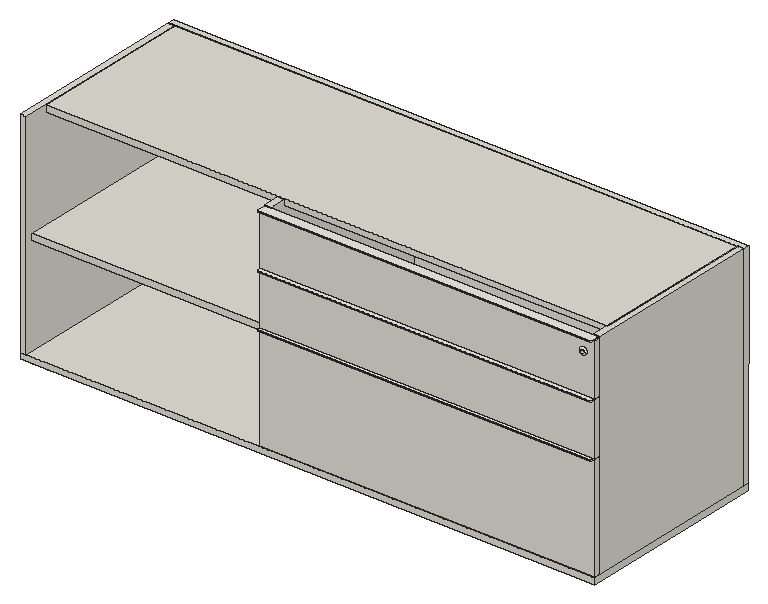
Revit family "Haworth_BeHold_Modular_AttachedCredenza_StorageEnd", category Furniture Systems, Revit 2018
Family settings
  Round Connector Dimension = Use Diameter
  Part Type = Normal
  OmniClass Number = 23.40.70.14.64.21
  OmniClass Title = Systems Furniture
  Work Plane-Based = No
  Always vertical = Yes
  Cut with Voids When Loaded = No
  Shared = No
  Room Calculation Point = No
Parameters (values of type "2H - 72w - 42w Drawer - Proud Back")
  With Lock = yes
  With Leg = no
  Wing Pull Length = if(Actual Width < 36", 13 1/8", 16 3/4")  # 16 3/4"
  Wing Pull = no
  Width = 72"
  Warranty = "http://www.haworth.com/resources/product-info/warranties"
  URL - Product = "http://www.haworth.com/na/en/products/active-storage/be-hold.html"
  URL = "www.haworth.com"
  Two High = yes
  Triple Unit Leg = no
  Trim Finish [instance] = Haworth _ Paint _ Smooth Plaster
  Total Drawer Height = Actual Height - Bottom Case Offset - Case Thickness - 1/4"  # 26 1/2"
  Top Thickness = 3/4"  # constant formula
  Top Drawer Height = if(or(Box File, Box Box File), Middle Drawer Height, Bottom Drawer Height)  # 6 9/16"
  Top Drawer Control = and(Drawers, not(Three High))  # yes
  Top Case Front Offset = if(or(Sliding Door, Three High), 2 1/8", 3")  # 3"
  Top Case Back Control = if(Proud Style, 0", 3/16")  # 0"
  Three High = not(or(One and One Half High, Two High))  # no
  Sustainability Info = "https://www.haworth.com/company-info/sustainability"
  Storage Width = 42"
  Standard Storage Height = if(One and One Half High, 22", if(Two High, 28", 42"))  # 28"
  Standard Height = if(Sliding Door, "1.5, 2, 3 High", "1.5, 2 High")  # "1.5, 2 High"
  Standard Depths = "16, 24 in."  # constant formula
  Sliding Door Control = or(Sliding Door, Three High)  # no
  Sliding Door = no
  Size = "Verify Final Dim. w/ Haworth"  # constant formula
  Single Unit Leg = not(or(Double Unit Leg, Triple Unit Leg))  # yes
  Side Case Front Control = if(or(Sliding Door, Open, Three High), 0", Case Thickness)  # 3/4"
  Side Case Back Control = if(Proud Style, Case Thickness, 0")  # 3/4"
  Shelf Top Control = Three High  # no
  Shelf 2 Offset = if(Shelf Top Control, 26 5/8", Shelf 1 Offset)  # 13 5/16"
  Shelf 1 Offset = 13 5/16"  # constant formula
  Shelf Front Offset = if(or(Sliding Door, Three High), 2 1/8", Case Thickness)  # 3/4"
  Shelf Bottom Control = or(not(Drawers), Three High)  # no
  Separator Case Front Offset = if(Open, 0", Case Thickness)  # 3/4"
  Revision Number = "1"  # constant formula
  Pull Finish [instance] = Haworth _ Paint _ Smooth Plaster
  Proud Style = not(Inset Style)  # yes
  Open = no
  One and One Half High = no
  Model = "Haworth Be_Hold"  # constant formula
  Min. Width = if(Sliding Door, 36", 42")  # 42"
  Min. Storage Width = if(Sliding Door, 18", 24")  # 24"
  Min. Height = 22"  # constant formula
  Min. Depth = 16"  # constant formula
  Middle Drawer Height = if(File File, (Total Drawer Height - Distance Between Drawer) / 2, if(Box Box File, (Total Drawer Height - Distance Between Drawer) / 4, (Total Drawer Height - Distance Between Drawer) / 3))  # 6 9/16"
  Mid Separator S/D Control = or(Sliding Door, Three High)  # no
  Mid Separator O/D Control = and(or(Open, Drawers), not(Three High))  # yes
  Max. Storage Width = 42"  # constant formula
  Leg Height = 6"  # constant formula
  Leg Finish [instance] = Haworth _ Paint _ Sky Blue
  Glide Control = not(or(Actual Single Leg Control, [Actual D/T Leg Control]))  # yes
  Front Door Height = Actual Height - Bottom Drawer Offset - 1/4"  # 26 3/8"
  Drawers = not(or(Open, Sliding Door))  # yes
  Double Unit Leg = no
  Door Width = ((Actual Width - (Case Thickness * 2)) / 2) - 3/4"  # 34 1/2"
  Depth = 24"
  Bottom Drawer Control = and(Drawers, not(Three High))  # yes
  Bottom Drawer Offset = Bottom Case Offset + Case Thickness + 1/8"  # 1 3/8"
  Bottom Drawer Height = if(One and One Half High, ((Total Drawer Height - Distance Between Drawer) * 2 / 3), if(Two High, (Total Drawer Height - Distance Between Drawer) / 2, (Total Drawer Height - Distance Between Drawer) / 3))  # 13 1/8"
  Middle Drawer Control = and(Drawers, Box Box File, not(Three High), not(or(Box File, File File)))  # yes
  Max. Width = 72"  # constant formula
  Max. Depth = 24"  # constant formula
  Max. Height = 42"  # constant formula
  Manufacturer = "Haworth"  # constant formula
  Linear Pull Length = 8"  # constant formula
  Linear Pull = no
  Inset Style = no
  Glide Finish = Haworth _ Polymer _ Slate
  Front Finish [instance] = Haworth _ Laminate _ Beige H-34
  Front Edge Finish [instance] = Haworth _ Laminate _ Beige H-34
  File File = not(or(Box File, Box Box File))  # no
  Drawer Width = Actual Storage Width - 1/8"  # 41 7/8"
  Distance Between Drawer = if(or(Box File, File File), 1/8", 1/4")  # 1/4"
  Description = "Haworth - Be_Hold - Credenza"  # constant formula
  Custom Size = not(or(and(or(Open, Drawers), not(Three High), or(Depth = 16", Depth = 24"), or(Width = 42", Width = 48", Width = 54", Width = 60", Width = 66", Width = 72"), or(Storage Width = 24", Storage Width = 30", Storage Width = 36", Storage Width = 42")), and(Sliding Door, or(Depth = 16", Depth = 24"), or(Width = 36", Width = 42", Width = 48", Width = 54", Width = 60", Width = 66", Width = 72"), Storage Width = Width / 2)))  # no
  Cresent Pull = no
  Classic Pull Length = 6 3/4"  # constant formula
  Classic Pull = no
  Case Thickness = 3/4"  # constant formula
  Case Finish [instance] = Haworth _ Laminate _ Beige H-34
  Case Edge Finish [instance] = Haworth _ Laminate _ Beige H-34
  Box File = and(Drawers, One and One Half High)  # no
  Box Box File = yes
  Bottom Case Offset = if(or(Actual Single Leg Control, [Actual D/T Leg Control]), Leg Height, 1/2")  # 1/2"
  Blade Pull Length = Drawer Width - 1/16"  # 41 13/16"
  Blade Pull = not(or(Cresent Pull, Linear Pull, Classic Pull, Wing Pull))  # yes
  Back Door Height = Actual Height - Bottom Drawer Offset - 7/16"  # 26 3/16"
  Back Case Side Control = if(Proud Style, 0", Case Thickness)  # 0"
  Back Case Back Control = if(Proud Style, 0", 3/16")  # 0"
  Author = "Haworth (Alias)"  # constant formula
  Assembly Code = "E2020200"
  Actual Width = if(Width > Max. Width, Max. Width, if(Width < Min. Width, Min. Width, Width))  # 72"
  Actual Storage Width = if(Storage Width > Max. Storage Width, Max. Storage Width, if(Storage Width < Min. Storage Width, Min. Storage Width, Storage Width))  # 42"
  Actual Single Leg Control = and(With Leg, Single Unit Leg, not(Three High), not(Actual Storage Width = 42"))  # no
  Actual Height = if(or(Actual Single Leg Control, [Actual D/T Leg Control]), Standard Storage Height + Leg Height, Standard Storage Height)  # 28"
  Actual Depth = if(Depth > Max. Depth, Max. Depth, if(Depth < Min. Depth, Min. Depth, Depth))  # 24"
  Standard Widths = if(Sliding Door, "36-72 in. @ 6 in. increments", "42-72 in. @ 6 in. increments")  # "42-72 in. @ 6 in. increments"
  Actual D/T Leg Control = and(With Leg, or(Double Unit Leg, Triple Unit Leg), not(Three High), not(Actual Storage Width = 42"))  # no
  16 Deep Leg = Actual Depth = 16"  # no
Reference planes (in)
  plane 1: z = 0
  plane 2 "Center L/R": x = -6.17556
  plane 3 "Center F/B": y = -11.5
  plane 4 "Top": z = 28
  plane 5 "Back": y = 0.5
  plane 6 "Front": y = -23.5
  plane 7 "Right": x = 29.82444
  plane 8 "Left": x = -42.17556
  plane 9 "Case Inside Left": x = -41.42556
  plane 10 "Case Inside Right": x = 29.07444
  plane 11 "Case Inside Back": y = -0.25
  plane 12 "Case Bottom": z = 0.5
  plane 13 "Case Inside Front": y = -22.75
  plane 14 "Inside Case Bottom": z = 1.25
  plane 15 "Inside Case Top": z = 27.25
  plane 16 "Top of Top Drawer": z = 27.875
  plane 17 "Bottom of Bottom Drawer": z = 1.375
  plane 18 "Top of Shelf 1": z = 14.5625
  plane 19 "Bottom of Shelf 1": z = 13.8125
  plane 20 "Drawer End": x = -12.17556
  plane 21 "Drawer Inside": x = -11.42556
  plane 22 "Drawer Center": x = 8.82444
  plane 23 "Inside Back Door": y = -21.8125
  plane 24 "Bottom of Shelf 2": z = 13.8125
  plane 25 "Top of Shelf 2": z = 14.5625
  plane 26 "Left Sliding Door": x = 28.32444
Forms (in)
  Sweep 1, solid, material "Haworth _ Polymer _ Slate" <- "Glide Finish", visible <- "Glide Control"
    path origin (-41.42556, 0, 0) x (0, 1, 0) y (0, 0, 1)
      loop
        line (-22.75, 0.5) -> (-22.75, 0)
    profile origin (-41.42556, -22.75, 0.25) x (1, 0, 0) y (0, 1, 0)
      loop
        line (0, 2.00197) -> (0, 0.25)
        arc (0, 0.25) -> (0.07322, 0.07322) -> (0.25, 0) r 0.25
        line (0.25, 0) -> (2.00197, 0)
        arc (2.00197, 0) -> (2.17875, 0.07322) -> (2.25197, 0.25) r 0.25
        line (2.25197, 0.25) -> (2.25197, 0.70079) -> (0.70079, 2.25197) -> (0.25, 2.25197)
        arc (0.25, 2.25197) -> (0.07322, 2.17875) -> (0, 2.00197) r 0.25
  Sweep 2, solid, material "Haworth _ Polymer _ Slate" <- "Glide Finish", visible <- "Glide Control"
    path origin (-41.42556, -23, 0) x (0, -1, 0) y (0, 0, 1)
      loop
        line (-22.75, 0.5) -> (-22.75, 0)
    profile origin (-41.42556, -0.25, 0.25) x (1, 0, 0) y (0, 1, 0)
      loop
        arc (0, -2.00197) -> (0.07322, -2.17875) -> (0.25, -2.25197) r 0.25
        line (0.25, -2.25197) -> (0.70079, -2.25197) -> (2.25197, -0.70079) -> (2.25197, -0.25)
        arc (2.25197, -0.25) -> (2.17875, -0.07322) -> (2.00197, 0) r 0.25
        line (2.00197, 0) -> (0.25, 0)
        arc (0.25, 0) -> (0.07322, -0.07322) -> (0, -0.25) r 0.25
        line (0, -0.25) -> (0, -2.00197)
  Sweep 3, solid, material "Haworth _ Polymer _ Slate" <- "Glide Finish", visible <- "Glide Control"
    path origin (29.07444, 0, 0) x (0, -1, 0) y (0, 0, 1)
      loop
        line (22.75, 0.5) -> (22.75, 0)
    profile origin (29.07444, -22.75, 0.25) x (-1, 0, 0) y (0, -1, 0)
      loop
        arc (0, -2.00197) -> (0.07322, -2.17875) -> (0.25, -2.25197) r 0.25
        line (0.25, -2.25197) -> (0.70079, -2.25197) -> (2.25197, -0.70079) -> (2.25197, -0.25)
        arc (2.25197, -0.25) -> (2.17875, -0.07322) -> (2.00197, 0) r 0.25
        line (2.00197, 0) -> (0.25, 0)
        arc (0.25, 0) -> (0.07322, -0.07322) -> (0, -0.25) r 0.25
        line (0, -0.25) -> (0, -2.00197)
  Sweep 4, solid, material "Haworth _ Polymer _ Slate" <- "Glide Finish", visible <- "Glide Control"
    path origin (29.07444, 0, 0) x (0, -1, 0) y (0, 0, 1)
      loop
        line (0.25, 0.5) -> (0.25, 0)
    profile origin (29.07444, -0.25, 0.25) x (-1, 0, 0) y (0, -1, 0)
      loop
        line (0, 2.00197) -> (0, 0.25)
        arc (0, 0.25) -> (0.07322, 0.07322) -> (0.25, 0) r 0.25
        line (0.25, 0) -> (2.00197, 0)
        arc (2.00197, 0) -> (2.17875, 0.07322) -> (2.25197, 0.25) r 0.25
        line (2.25197, 0.25) -> (2.25197, 0.70079) -> (0.70079, 2.25197) -> (0.25, 2.25197)
        arc (0.25, 2.25197) -> (0.07322, 2.17875) -> (0, 2.00197) r 0.25
  Extrusion 5, solid, material "Haworth _ Laminate _ Beige H-34" <- "Case Finish"
    sketch origin (0, 0, 0) x (1, 0, 0) y (0, 1, 0)
      loop
        line (-42.17556, 0.5) -> (-42.17556, -23.5) -> (29.82444, -23.5) -> (29.82444, 0.5) -> (-42.17556, 0.5)
    from 0.5 to 1.25
  Sweep 6, solid, material "Haworth _ Laminate _ Beige H-34" <- "Case Finish"
    path origin (0, 0, 0.5) x (0, -1, 0) y (1, 0, 0)
      loop
        line (23.5, -42.17556) -> (23.5, -41.42556)
    profile origin (-41.80056, -23.5, 0.5) x (0, 1, 0) y (0, 0, 1)
      loop
        line (0, 27.5) -> (0, 0.75) -> (23.25, 0.75) -> (23.25, 27.5) -> (0, 27.5)
  Sweep 7, solid, material "Haworth _ Laminate _ Beige H-34" <- "Case Finish"
    path origin (-12.35111, 0, 0.5) x (0, -1, 0) y (-1, 0, 0)
      loop
        line (23.5, -42.17556) -> (23.5, -41.42556)
    profile origin (29.44944, -23.5, 0.5) x (0, -1, 0) y (0, 0, 1)
      loop
        line (-0.75, 27.5) -> (-23.25, 27.5) -> (-23.25, 0.75) -> (-0.75, 0.75) -> (-0.75, 27.5)
  Sweep 8, solid, material "Haworth _ Laminate _ Beige H-34" <- "Case Finish"
    path origin (0, 0, 0.5) x (0, -1, 0) y (1, 0, 0)
      loop
        line (0.25, -6.17556) -> (-0.5, -6.17556)
    profile origin (-6.17556, 0.125, 0.5) x (-1, 0, 0) y (0, 0, 1)
      loop
        line (-36, 0.75) -> (36, 0.75) -> (36, 27.5) -> (-36, 27.5) -> (-36, 0.75)
  Extrusion 9, solid, material "Haworth _ Laminate _ Beige H-34" <- "Case Finish"
    sketch origin (0, 0, 0.5) x (0, -1, 0) y (1, 0, 0)
      loop
        line (0.25, -41.42556) -> (20.5, -41.42556) -> (20.5, 29.07444) -> (0.25, 29.07444) -> (0.25, -41.42556)
    from 26.75 to 27.5
  Extrusion 10, solid, material "Haworth _ Laminate _ Beige H-34" <- "Case Finish"
    sketch origin (0, 0, 0) x (1, 0, 0) y (0, 1, 0)
      loop
        line (-41.42556, -0.25) -> (-41.42556, -22.75) -> (-12.17556, -22.75) -> (-12.17556, -0.25) -> (-41.42556, -0.25)
    from 13.8125 to 14.5625
  Extrusion 11, solid, material "Haworth _ Laminate _ Beige H-34" <- "Case Finish", visible <- "Shelf Bottom Control"
    sketch origin (0, 0, 0) x (1, 0, 0) y (0, 1, 0)
      loop
        line (-11.42556, -0.25) -> (-11.42556, -22.75) -> (29.07444, -22.75) -> (29.07444, -0.25) -> (-11.42556, -0.25)
    from 13.8125 to 14.5625
  Sweep 12, solid, material "Haworth _ Laminate _ Beige H-34" <- "Case Finish", visible <- "Mid Separator O/D Control"
    path origin (0, 0, 1.25) x (-1, 0, 0) y (0, -1, 0)
      loop
        line (11.42556, 0.25) -> (12.17556, 0.25)
    profile origin (-11.80056, -0.25, 1.25) x (0, -1, 0) y (0, 0, 1)
      loop
        line (0, 26) -> (0, 0) -> (22.5, 0) -> (22.5, 26.75) -> (20.5, 26.75) -> (20.5, 26) -> (0, 26)
  Sweep 13, solid, material "Haworth _ Laminate _ Beige H-34" <- "Case Finish", visible <- "Mid Separator S/D Control"
    path origin (0, 0, 1.25) x (-1, 0, 0) y (0, -1, 0)
      loop
        line (11.80056, 0.25) -> (12.55056, 0.25)
    profile origin (-12.17556, -0.25, 1.25) x (0, -1, 0) y (0, 0, 1)
      loop
        line (0, 26) -> (0, 0) -> (21.125, 0) -> (21.125, 26) -> (0, 26)
  Extrusion 14, solid, material "Haworth _ Laminate _ Beige H-34" <- "Case Finish", visible <- "Shelf Top Control"
    sketch origin (0, 0, 0) x (1, 0, 0) y (0, 1, 0)
      loop
        line (-11.42556, -0.25) -> (-11.42556, -22.75) -> (29.07444, -22.75) -> (29.07444, -0.25) -> (-11.42556, -0.25)
    from 13.8125 to 14.5625
  Extrusion 15, solid, material "Haworth _ Laminate _ Beige H-34" <- "Case Finish", visible <- "Shelf Top Control"
    sketch origin (0, 0, 0) x (1, 0, 0) y (0, 1, 0)
      loop
        line (-41.42556, -0.25) -> (-41.42556, -22.75) -> (-12.17556, -22.75) -> (-12.17556, -0.25) -> (-41.42556, -0.25)
    from 13.8125 to 14.5625
Lines and regions (in)
  Masking region 1
    outline origin (0, 0, 27.25) x (0, -1, 0) y (1, 0, 0)
      loop
        line (-0.5, -42.17556) -> (23.5, -42.17556) -> (23.5, 29.82444) -> (-0.5, 29.82444) -> (-0.5, -42.17556)
  symbolic lines, style "Haworth", detail levels medium+fine
    curve 1: line (-42.17556, -20.5, 27.25) -> (29.82444, -20.5, 27.25)
Dimensions and locks (in)
  "Actual Width": plane 8 "Left" to plane 7 "Right"
  equal spacing: plane 5 "Back", plane 3 "Center F/B", plane 6 "Front"
  "Actual Depth": plane 5 "Back" to plane 6 "Front"
  "Case Thickness": plane 9 "Case Inside Left" to plane 8 "Left"
  "Case Thickness": plane 10 "Case Inside Right" to plane 7 "Right"
  "Bottom Case Offset": plane 12 "Case Bottom" to plane 1
  "Case Thickness": plane 11 "Case Inside Back" to plane 5 "Back"
  "Case Thickness": plane 6 "Front" to plane 13 "Case Inside Front"
  locked: Sweep 1 sketch curve to plane 12 "Case Bottom" at 0.5
  locked: Sweep 2 sketch curve to plane 12 "Case Bottom" at 0.5
  locked: Sweep 4 sketch curve to plane 12 "Case Bottom" at 0.5
  locked: Sweep 3 sketch curve to plane 12 "Case Bottom" at 0.5
  "Case Thickness": plane 14 "Inside Case Bottom" to plane 12 "Case Bottom"
  "Top Thickness": plane 4 "Top" to plane 15 "Inside Case Top"
  "Side Case Back Control": Sweep 6 sketch curve to plane 5 "Back"
  "Side Case Back Control": Sweep 7 sketch curve to plane 5 "Back"
  "Back Case Side Control": Sweep 8 sketch curve to plane 7 "Right"
  "Back Case Side Control": Sweep 8 sketch curve to plane 8 "Left"
  "Actual Height": plane 4 "Top" to plane 1
  locked: plane 4 "Top" to plane 16 "Top of Top Drawer" at 0.125
  locked: plane 17 "Bottom of Bottom Drawer" to plane 14 "Inside Case Bottom" at 0.125
  locked: nested 2 to nested 1 at 0.125
  "Top Case Front Offset": Extrusion 9 sketch curve to plane 6 "Front"
  "Case Thickness": plane 18 "Top of Shelf 1" to plane 19 "Bottom of Shelf 1"
  "Shelf 1 Offset": plane 18 "Top of Shelf 1" to plane 14 "Inside Case Bottom"
  equal spacing: plane 8 "Left", plane 2 "Center L/R", plane 7 "Right"
  "Case Thickness": plane 21 "Drawer Inside" to plane 20 "Drawer End"
  "Actual Storage Width": plane 20 "Drawer End" to plane 7 "Right"
  equal spacing: plane 20 "Drawer End", plane 22 "Drawer Center", plane 7 "Right"
  "Shelf Front Offset": Extrusion 10 sketch curve to plane 6 "Front"
  "Shelf Front Offset": Extrusion 11 sketch curve to plane 6 "Front"
  locked: plane 6 "Front" to Sweep 13 sketch curve at 2.125
  "Side Case Front Control": plane 6 "Front" to Sweep 7 sketch curve
  locked: plane 6 "Front" to plane 23 "Inside Back Door" at 1.6875
  "Case Thickness": plane 25 "Top of Shelf 2" to plane 24 "Bottom of Shelf 2"
  "Shelf 2 Offset": plane 25 "Top of Shelf 2" to plane 14 "Inside Case Bottom"
  "Shelf Front Offset": Extrusion 14 sketch curve to plane 6 "Front"
  "Shelf Front Offset": Extrusion 15 sketch curve to plane 6 "Front"
  "Top Case Front Offset": plane 6 "Front" to curve 1
  "Case Thickness": Sweep 8 sketch curve to Sweep 8 sketch curve
  "Back Case Back Control": plane 5 "Back" to Sweep 8 sketch curve
  "Top Case Back Control": Extrusion 9 sketch curve to plane 11 "Case Inside Back"
  locked: plane 26 "Left Sliding Door" to plane 10 "Case Inside Right" at 0.75
  equal spacing: Sweep 13 sketch curve, plane 20 "Drawer End", Sweep 13 sketch curve
  "Case Thickness": Sweep 13 sketch curve to Sweep 13 sketch curve
  locked: plane 13 "Case Inside Front" to Sweep 12 sketch curve at 2
  "Separator Case Front Offset": plane 6 "Front" to Sweep 12 sketch curve
  aligned and locked: Sweep 1 sketch curve to plane 13 "Case Inside Front"
  aligned and locked: plane 12 "Case Bottom" to Sweep 1 sketch curve
  aligned and locked: plane 11 "Case Inside Back" to Sweep 2 sketch curve
  aligned and locked: plane 12 "Case Bottom" to Sweep 2 sketch curve
  aligned and locked: plane 11 "Case Inside Back" to Sweep 4 sketch curve
  aligned and locked: plane 12 "Case Bottom" to Sweep 4 sketch curve
  aligned and locked: Sweep 3 sketch curve to plane 13 "Case Inside Front"
  aligned and locked: plane 12 "Case Bottom" to Sweep 3 sketch curve
  aligned and locked: Extrusion 5 sketch curve to plane 7 "Right"
  aligned and locked: Extrusion 5 sketch curve to plane 5 "Back"
  aligned and locked: plane 8 "Left" to Extrusion 5 sketch curve
  aligned and locked: plane 6 "Front" to Extrusion 5 sketch curve
  aligned and locked: plane 12 "Case Bottom" to Extrusion 5
  aligned and locked: plane 14 "Inside Case Bottom" to Extrusion 5
  aligned and locked: plane 8 "Left" to Sweep 6 sketch curve
  aligned and locked: plane 9 "Case Inside Left" to Sweep 6 sketch curve
  aligned and locked: Sweep 6 sketch curve to plane 6 "Front"  (x2)
  aligned and locked: Sweep 6 sketch curve to plane 4 "Top"
  aligned and locked: plane 14 "Inside Case Bottom" to Sweep 6 sketch curve
  aligned and locked: plane 6 "Front" to Sweep 7 sketch curve
  aligned and locked: plane 7 "Right" to Sweep 7 sketch curve
  aligned and locked: plane 10 "Case Inside Right" to Sweep 7 sketch curve
  aligned and locked: plane 14 "Inside Case Bottom" to Sweep 7 sketch curve
  aligned and locked: Sweep 7 sketch curve to plane 4 "Top"
  aligned and locked: plane 2 "Center L/R" to Sweep 8 sketch curve
  aligned and locked: plane 4 "Top" to Sweep 8 sketch curve
  aligned and locked: Sweep 8 sketch curve to plane 14 "Inside Case Bottom"
  aligned and locked: plane 10 "Case Inside Right" to Extrusion 9 sketch curve
  aligned and locked: plane 9 "Case Inside Left" to Extrusion 9 sketch curve
  aligned and locked: plane 4 "Top" to Extrusion 9
  aligned and locked: plane 15 "Inside Case Top" to Extrusion 9
  aligned and locked: Masking region 1 sketch curve to plane 7 "Right"
  aligned and locked: Masking region 1 sketch curve to plane 5 "Back"
  aligned and locked: plane 8 "Left" to Masking region 1 sketch curve
  aligned and locked: plane 6 "Front" to Masking region 1 sketch curve
  aligned and locked: nested 3 to plane 16 "Top of Top Drawer"
  aligned and locked: plane 6 "Front" to nested 1
  aligned and locked: plane 6 "Front" to nested 2
  aligned and locked: plane 6 "Front" to nested 3
  aligned and locked: plane 11 "Case Inside Back" to Extrusion 10 sketch curve
  aligned and locked: plane 9 "Case Inside Left" to Extrusion 10 sketch curve
  aligned and locked: plane 18 "Top of Shelf 1" to Extrusion 10
  aligned and locked: Extrusion 10 to plane 19 "Bottom of Shelf 1"
  aligned and locked: Extrusion 10 sketch curve to plane 20 "Drawer End"
  aligned and locked: plane 11 "Case Inside Back" to Extrusion 11 sketch curve
  aligned and locked: plane 10 "Case Inside Right" to Extrusion 11 sketch curve
  aligned and locked: plane 21 "Drawer Inside" to Extrusion 11 sketch curve
  aligned and locked: Sweep 12 sketch curve to plane 11 "Case Inside Back"
  aligned and locked: plane 21 "Drawer Inside" to Sweep 12 sketch curve
  aligned and locked: plane 20 "Drawer End" to Sweep 12 sketch curve
  aligned and locked: Sweep 12 sketch curve to plane 15 "Inside Case Top"
  aligned and locked: Sweep 12 sketch curve to plane 4 "Top"
  aligned and locked: plane 11 "Case Inside Back" to Sweep 12 sketch curve
  aligned and locked: plane 14 "Inside Case Bottom" to Sweep 12 sketch curve
  aligned and locked: Sweep 13 sketch curve to plane 11 "Case Inside Back"
  aligned and locked: plane 11 "Case Inside Back" to Sweep 13 sketch curve
  aligned and locked: Sweep 13 sketch curve to plane 15 "Inside Case Top"
  aligned and locked: plane 14 "Inside Case Bottom" to Sweep 13 sketch curve
  aligned and locked: Extrusion 11 to plane 19 "Bottom of Shelf 1"
  aligned and locked: plane 18 "Top of Shelf 1" to Extrusion 11
  aligned and locked: plane 11 "Case Inside Back" to Extrusion 14 sketch curve
  aligned and locked: plane 21 "Drawer Inside" to Extrusion 14 sketch curve
  aligned and locked: plane 10 "Case Inside Right" to Extrusion 14 sketch curve
  aligned and locked: plane 25 "Top of Shelf 2" to Extrusion 14
  aligned and locked: Extrusion 14 to plane 24 "Bottom of Shelf 2"
  aligned and locked: plane 25 "Top of Shelf 2" to Extrusion 15
  aligned and locked: plane 9 "Case Inside Left" to Extrusion 15 sketch curve
  aligned and locked: Extrusion 15 sketch curve to plane 20 "Drawer End"
  aligned and locked: plane 11 "Case Inside Back" to Extrusion 15 sketch curve
  aligned and locked: Extrusion 15 to plane 24 "Bottom of Shelf 2"
  aligned and locked: plane 22 "Drawer Center" to nested 3
  aligned and locked: plane 22 "Drawer Center" to nested 2
  aligned and locked: plane 22 "Drawer Center" to nested 1
  aligned and locked: plane 9 "Case Inside Left" to nested 5
  aligned and locked: plane 6 "Front" to nested 5
  aligned and locked: plane 23 "Inside Back Door" to nested 4
  aligned and locked: nested 4 to plane 26 "Left Sliding Door"
  aligned and locked: plane 3 "Center F/B" to nested 6
  aligned and locked: plane 2 "Center L/R" to nested 6
  aligned and locked: nested 6 to plane 12 "Case Bottom"
Automatic sketch dimensions
  Sweep 1 sketch curve to plane 9 "Case Inside Left" = 0"
  profile plane to Sweep 1 sketch curve = 0"
  plane 9 "Case Inside Left" to Sweep 1 sketch curve = 1/4"
  Sweep 1 sketch curve to Sweep 1 sketch curve = 1/4"
  Sweep 1 sketch curve to Sweep 1 sketch curve = 0.45079"  (x2)
  Sweep 1 sketch curve to profile plane = 1/4"
  Sweep 1 sketch curve to Sweep 1 sketch curve = 1.75197"  (x2)
  Sweep 2 sketch curve to plane 9 "Case Inside Left" = 0"
  profile plane to Sweep 2 sketch curve = 0"
  Sweep 2 sketch curve to Sweep 2 sketch curve = 1/4"  (x2)
  Sweep 2 sketch curve to Sweep 2 sketch curve = 0.45079"  (x2)
  profile plane to Sweep 2 sketch curve = 1/4"
  Sweep 2 sketch curve to Sweep 2 sketch curve = 1.75197"  (x2)
  Sweep 3 sketch curve to plane 10 "Case Inside Right" = 0"
  Sweep 3 sketch curve to profile plane = 0"
  Sweep 3 sketch curve to Sweep 3 sketch curve = 1/4"  (x2)
  Sweep 3 sketch curve to Sweep 3 sketch curve = 0.45079"  (x2)
  profile plane to Sweep 3 sketch curve = 1/4"
  Sweep 3 sketch curve to Sweep 3 sketch curve = 1.75197"  (x2)
  Sweep 4 sketch curve to plane 10 "Case Inside Right" = 0"
  Sweep 4 sketch curve to profile plane = 0"
  plane 10 "Case Inside Right" to Sweep 4 sketch curve = 1/4"  (x2)
  Sweep 4 sketch curve to Sweep 4 sketch curve = 0.45079"  (x2)
  Sweep 4 sketch curve to profile plane = 1/4"
  Sweep 4 sketch curve to Sweep 4 sketch curve = 1.75197"  (x2)
  curve 1 to plane 8 "Left" = 0"
  curve 1 to plane 7 "Right" = 0"
Nested families (in)
  nested 1: "Haworth_BeHold_Drawer_PART" at (8.82444, -22.36287, 1.375), Drawer Height <- "Bottom Drawer Height", built-in parameter 1001364 <- "Bottom Drawer Offset", visible <- "Bottom Drawer Control", type "Haworth_Drawer"
    with With Lock no, Pull Height 13 1/8", Drawer Height 13 1/8", Wing Pull Length 16 3/4", Wing Pull no, Drawer Width 41 7/8", Blade Pull Length 41 13/16", Blade Pull yes
  nested 2: "Haworth_BeHold_Drawer_PART" at (8.82444, -22.36287, 14.625), Drawer Height <- "Middle Drawer Height", visible <- "Middle Drawer Control", type "Haworth_Drawer"
    with With Lock no, Pull Height 6 9/16", Drawer Height 6 9/16", Wing Pull Length 16 3/4", Wing Pull no, Drawer Width 41 7/8", Blade Pull Length 41 13/16", Blade Pull yes
  nested 3: "Haworth_BeHold_Drawer_PART" at (8.82444, -22.36287, 21.3125), Drawer Height <- "Top Drawer Height", visible <- "Top Drawer Control", With Lock <- "With Lock", type "Haworth_Drawer"
    with With Lock yes, Pull Height 6 9/16", Drawer Height 6 9/16", Wing Pull Length 16 3/4", Wing Pull no, Drawer Width 41 7/8", Blade Pull Length 41 13/16", Blade Pull yes
  nested 4: "Haworth_BeHold_Door_Sliding_PART" at (9.89424, -22.15726, 1.375), visible <- "Sliding Door Control", built-in parameter 1001364 <- "Bottom Drawer Offset", type "Back Door"
    with Hook no, Door Width 34 1/2", Door Height 26 3/16"
  nested 5: "Haworth_BeHold_Door_Sliding_PART" at (-25.35576, -23.09476, 1.375), visible <- "Sliding Door Control", built-in parameter 1001364 <- "Bottom Drawer Offset", type "Front Door"
    with With Lock no, Door Width 34 1/2", Door Height 26 3/8"
  nested 6: "Haworth_BeHold_Leg_Single_PART" at (0, 0, -5.5), Trim Finish <- "Leg Finish", visible <- "Actual Single Leg Control", type "Leg"
    with Trim Finish Haworth _ Paint _ Sky Blue, Width 72", Stretcher Bar yes, Actual Width 66"
Definition of nested family "Haworth_BeHold_Drawer_PART"
  Parameters (values of type "Haworth_Drawer")
    With Lock [instance] = yes
    Wing Pull Length = 6 1/2"
    Wing Pull = yes
    Warranty = "http://www.haworth.com/resources/product-info/warranties"
    URL - Product = ""
    URL = "www.haworth.com"
    Trim Finish = none
    Revision Number = "1"  # constant formula
    Pull Height [instance] = if(or(Wing Pull, Blade Pull), Drawer Height, Drawer Height - 1 21/32")  # 12"
    Pull Finish = none
    Note = "Verify Final Dim. w/ Haworth"  # constant formula
    Model = "Haworth Be_Hold"  # constant formula
    Manufacturer = "Haworth"  # constant formula
    Lock Offset Top = 1 21/32"  # constant formula
    Lock Offset Side = 1 3/8"  # constant formula
    Linear Pull = no
    Front Finish = none
    Front Edge Finish = none
    Drawer Width = 15 1/2"
    Drawer Height [instance] = 12"
    Description = "Haworth - Be_Hold - Drawer"
    Cresent Pull = no
    Classic Pull Length = 6 3/4"
    Classic Pull = no
    Blade Pull Length = 15 7/16"
    Blade Pull = no
    Linear Pull Length = 8"
    Author = "Haworth (Alias)"  # constant formula
    Assembly Code = ""
  Reference planes (in)
    plane 1 "Drawer Back": y = -0.26213
    plane 2: z = 0
    plane 3 "Center L/R": x = 0
    plane 4 "Drawer Front": y = -1.13713
    plane 5 "Left": x = -7.75
    plane 6 "Right": x = 7.75
    plane 7 "Top": z = 12
    plane 8 "Hardware Start": y = -0.38713
    plane 9 "Lock Side": x = 6.375
    plane 10 "Lock Horizontal": z = 10.34375
  Forms (in)
    Extrusion 1, solid, material <- "Front Finish"
      sketch origin (0, -1.13713, 0) x (-1, 0, 0) y (0, 0, 1)
        loop
          line (-7.75, 12) -> (-7.75, 0) -> (7.75, 0) -> (7.75, 12) -> (-7.75, 12)
      from 0 to 0.75
    Revolve 2, solid, material <- "Trim Finish", visible <- "With Lock"
      sketch origin (0, 0, 10.34375) x (-1, 0, 0) y (0, -1, 0)
        loop
          line (-6.375, 1.13713) -> (-6.375, 1.2621) -> (-6.68756, 1.2621)
          arc (-6.68756, 1.2621) -> (-6.77593, 1.2255) -> (-6.81253, 1.13713) r 0.12497
          line (-6.81253, 1.13713) -> (-6.375, 1.13713)
        axis (-6.375, 1.13713) -> (-6.375, 1.2621)
      angle from 0 to 360
  Lines and regions (in)
    Masking region 1
      outline origin (0, 0, 10.34375) x (-1, 0, 0) y (0, -1, 0)
        loop
          line (7.75, 0.38713) -> (7.75, 1.13713) -> (-7.75, 1.13713) -> (-7.75, 0.38713) -> (7.75, 0.38713)
  Dimensions and locks (in)
    equal spacing: plane 5 "Left", plane 3 "Center L/R", plane 6 "Right"
    "Drawer Width": plane 5 "Left" to plane 6 "Right"
    "Drawer Height": plane 7 "Top" to level
    locked: plane 1 "Drawer Back" to plane 8 "Hardware Start" at 0.125
    plane 4 "Drawer Front" to plane 1 "Drawer Back" = 7/8"
    plane 4 "Drawer Front" to plane 8 "Hardware Start" = 3/4"
    "Lock Offset Side": plane 9 "Lock Side" to plane 6 "Right"
    "Lock Offset Top": plane 7 "Top" to plane 10 "Lock Horizontal"
    locked: Revolve 2 sketch curve to plane 4 "Drawer Front" at 0.12497
    locked: plane 9 "Lock Side" to Revolve 2 sketch curve at 0.43753
    aligned and locked: Extrusion 1 sketch curve to plane 6 "Right"
    aligned and locked: plane 7 "Top" to Extrusion 1 sketch curve
    aligned and locked: Extrusion 1 sketch curve to plane 5 "Left"
    aligned and locked: Extrusion 1 sketch curve to plane 2
    aligned and locked: Extrusion 1 to plane 8 "Hardware Start"
    aligned and locked: Extrusion 1 to plane 4 "Drawer Front"
    aligned and locked: plane 9 "Lock Side" to Revolve 2 sketch curve  (x2)
    aligned and locked: Revolve 2 sketch curve to plane 4 "Drawer Front"
    aligned and locked: plane 3 "Center L/R" to nested 1
    aligned and locked: nested 1 to plane 4 "Drawer Front"
    aligned and locked: plane 6 "Right" to Masking region 1 sketch curve
    aligned and locked: plane 8 "Hardware Start" to Masking region 1 sketch curve
    aligned and locked: plane 4 "Drawer Front" to Masking region 1 sketch curve
    aligned and locked: plane 5 "Left" to Masking region 1 sketch curve
  Automatic sketch dimensions
    plane 8 "Hardware Start" to Revolve 2 sketch curve = 0.19925"
    Revolve 2 sketch curve to Revolve 2 sketch curve = 0.41501"
  Nested families (in)
    nested 1: "Haworth_Drawer-Pulls_PART" at (0, -1.13713, 12), built-in parameter 1001364 <- "Pull Height", type "Pull"
      with Wing yes, Linear no
  Definition of nested family "Haworth_Drawer-Pulls_PART"
    Parameters (values of type "Pull")
      Wing Pull Length = 6 1/2"
      Wing = no
      Warranty = "https://www.haworth.com/resources/product-info/warranties"
      URL = "https://www.haworth.com"
      Trim Finish = none
      Revision Number = "1"  # constant formula
      Model = "Haworth Be_Hold"  # constant formula
      Manufacturer = "Haworth"  # constant formula
      Linear Pull Length = 8"
      Linear = yes
      Description = "Haworth - Be_Hold - Pull Part"
      Cresent = no
      Classic Pull Length = 6 3/4"
      Classic = no
      Blade Pull Length = 15 7/16"
      Blade = no
      Author = "Haworth (Alias)"  # constant formula
      Assembly Code = ""
    Reference planes (in)
      plane 1 "Center Front/Back": y = 0
      plane 2: z = 0
      plane 3 "Center Left/Right": x = 0
      plane 4 "Classic Left": x = -3.375
      plane 5 "Classic Right": x = 3.375
      plane 6 "Linear Left": x = -4
      plane 7 "Linear Right": x = 4
      plane 8 "Wing Right": x = 3.25001
      plane 9 "Wing Left": x = -3.25001
      plane 10 "Blade Left": x = -7.71875
      plane 11 "Blade Right": x = 7.71875
    Forms (in)
      Extrusion 1, solid, material <- "Trim Finish", visible <- "Linear"
        sketch origin (0, 0, 0.125) x (1, 0, 0) y (0, 1, 0)
          loop
            line (-4, 0) -> (-4, -1.25) -> (4, -1.25) -> (4, 0) -> (3, 0) -> (3, -1) -> (-3, -1) -> (-3, 0) -> (-4, 0)
        from 0 to -0.25
      Extrusion 2, solid, material <- "Trim Finish", visible <- "Classic"
        sketch origin (0, 0, 0.375) x (1, 0, 0) y (0, 0, 1)
          loop
            line (-3.375, 0) -> (-3.375, -0.75)
            arc (-3.375, -0.75) -> (-3, -0.375) -> (-3.375, 0) r 0.375
        from 0 to 1
      Extrusion 3, solid, material <- "Trim Finish", visible <- "Classic"
        sketch origin (0, 0, 0.375) x (-1, 0, 0) y (0, 0, -1)
          loop
            arc (-3.375, 0.00132) -> (-3.00132, 0.375) -> (-3.375, 0.74868) r 0.37368
            line (-3.375, 0.74868) -> (-3.375, 0.00132)
        from 0 to 1
      Extrusion 4, solid, material <- "Trim Finish", visible <- "Classic"
        sketch origin (0, 0, 0.375) x (1, 0, 0) y (0, 0, 1)
          loop
            line (-3.375, 0) -> (-3.375, -0.75) -> (3.375, -0.75) -> (3.375, 0) -> (-3.375, 0)
        from 1 to 1.25
      Sweep 5, solid, material <- "Trim Finish", visible <- "Cresent"
        path origin (0, 0, 0) x (1, 0, 0) y (0, 1, 0)
          loop
            arc (-3.75002, 0) -> (-0.00002, -1.25) -> (3.74998, 0) r 6.25
        profile origin (-0.00002, -1.25, 0) x (0, 1, 0) y (0, 0, 1)
          loop
            circle (0.125, 0) r 0.125
      Sweep 6, solid, material <- "Trim Finish", visible <- "Wing"
        path origin (0, 0, 0) x (1, 0, 0) y (0, 1, 0)
          loop
            line (3.25001, 0) -> (-3.25001, 0)
        profile origin (0, 0, 0) x (0, -1, 0) y (0, 0, 1)
          loop
            line (0, -0.055) -> (0.7144, -0.45418)
            arc (0.7144, -0.45418) -> (0.85453, -0.40762) -> (0.79557, -0.27225) r 0.10001
            line (0.79557, -0.27225) -> (0, 0) -> (0, -0.055)
      Extrusion 7, void
        sketch origin (0, 0, 0) x (1, 0, 0) y (0, 1, 0)
          loop
            line (-3.25001, 0) -> (-3.25001, -0.92709) -> (-2.91255, -0.92709) -> (-3.25001, 0)
          loop
            line (3.25001, 0) -> (2.91255, -0.92709) -> (3.25001, -0.92709) -> (3.25001, 0)
        from -1 to 0.5
      Sweep 8, solid, material <- "Trim Finish", visible <- "Blade"
        path origin (0, 0, 0) x (1, 0, 0) y (0, 0, 1)
          loop
            line (0, 0) -> (0, 0.09375)
        profile origin (0, 0, 0.04687) x (-1, 0, 0) y (0, -1, 0)
          loop
            line (7.71875, -0.75) -> (7.71875, 0.40579)
            arc (7.71875, 0.40579) -> (7.682, 0.4945) -> (7.59329, 0.53125) r 0.12546
            line (7.59329, 0.53125) -> (-7.59361, 0.53125)
            arc (-7.59361, 0.53125) -> (-7.6821, 0.4946) -> (-7.71875, 0.40611) r 0.12514
            line (-7.71875, 0.40611) -> (-7.71875, -0.75) -> (7.71875, -0.75)
    Cuts and joins
      Extrusion 7 cuts Extrusion 4
      joined: Extrusion 2, Extrusion 3, Extrusion 4
      Extrusion 7 cuts Sweep 6
    Lines and regions (in)
      symbolic lines, detail levels fine
        curve 1: line (-4, 0, 0) -> (4, 0, 0)
    Dimensions and locks (in)
      equal spacing: plane 4 "Classic Left", plane 3 "Center Left/Right", plane 5 "Classic Right"
      "Classic Pull Length": plane 4 "Classic Left" to plane 5 "Classic Right"
      locked: Extrusion 1 sketch curve to Extrusion 1 sketch curve at 1  (x2)
      equal spacing: plane 6 "Linear Left", plane 3 "Center Left/Right", plane 7 "Linear Right"
      "Linear Pull Length": plane 6 "Linear Left" to plane 7 "Linear Right"
      locked: profile plane to Sweep 5 sketch curve at 0.125
      locked: plane 9 "Wing Left" to Extrusion 7 sketch curve at 0.33745
      locked: Extrusion 7 sketch curve to plane 1 "Center Front/Back" at 0.92709
      locked: plane 1 "Center Front/Back" to Extrusion 7 sketch curve at 0.92709
      Extrusion 7 sketch curve to plane 8 "Wing Right" = 0.33745"
      equal spacing: plane 11 "Blade Right", plane 3 "Center Left/Right", plane 10 "Blade Left"
      "Blade Pull Length": plane 11 "Blade Right" to plane 10 "Blade Left"
      locked: Sweep 8 sketch curve to plane 2 at 0.09375
      locked: Sweep 8 sketch curve to plane 1 "Center Front/Back" at 0.75
      locked: Sweep 8 sketch curve to plane 1 "Center Front/Back" at 0.53125
      equal spacing: plane 8 "Wing Right", plane 3 "Center Left/Right", plane 9 "Wing Left"
      "Wing Pull Length": plane 8 "Wing Right" to plane 9 "Wing Left"
      aligned and locked: plane 4 "Classic Left" to Extrusion 4 sketch curve
      aligned and locked: plane 5 "Classic Right" to Extrusion 4 sketch curve
      aligned and locked: plane 5 "Classic Right" to Extrusion 3 sketch curve
      aligned and locked: Extrusion 2 sketch curve to plane 4 "Classic Left"
      aligned and locked: Extrusion 1 sketch curve to plane 7 "Linear Right"
      aligned and locked: Extrusion 1 sketch curve to plane 6 "Linear Left"
      aligned and locked: plane 2 to Sweep 5 sketch curve
      aligned and locked: profile plane to plane 2
      aligned and locked: Sweep 6 sketch curve to plane 1 "Center Front/Back"
      aligned and locked: plane 8 "Wing Right" to Sweep 6 sketch curve
      aligned and locked: plane 9 "Wing Left" to Sweep 6 sketch curve
      aligned and locked: Extrusion 7 sketch curve to plane 9 "Wing Left"
      aligned and locked: Extrusion 7 sketch curve to plane 8 "Wing Right"
      aligned and locked: plane 2 to Sweep 8 sketch curve
      aligned and locked: Sweep 8 sketch curve to plane 10 "Blade Left"
      aligned and locked: Sweep 8 sketch curve to plane 11 "Blade Right"
      aligned and locked: plane 1 "Center Front/Back" to curve 1
      aligned and locked: plane 7 "Linear Right" to curve 1
      aligned and locked: plane 6 "Linear Left" to curve 1
    Automatic sketch dimensions
      Extrusion 2 sketch curve to level = 0"
      Extrusion 2 sketch curve to level = 3/8"
      Extrusion 3 sketch curve to level = 0"
      level to Extrusion 3 sketch curve = 0.37368"
      Extrusion 4 sketch curve to level = 3/8"
      level to Extrusion 4 sketch curve = 3/8"
      plane 1 "Center Front/Back" to Extrusion 1 sketch curve = 0"  (x2)
      plane 1 "Center Front/Back" to Extrusion 1 sketch curve = 1"
      Extrusion 1 sketch curve to Extrusion 1 sketch curve = 1/4"
      plane 1 "Center Front/Back" to Sweep 5 sketch curve = 0"  (x2)
      Sweep 5 sketch curve to plane 3 "Center Left/Right" = 0.00002"
      Sweep 5 sketch curve to plane 1 "Center Front/Back" = 5"
      Sweep 5 sketch curve to plane 6 "Linear Left" = 0.24998"
      Sweep 6 sketch curve to profile plane = 0"
      Sweep 6 sketch curve to profile plane = 0.7144"
      Sweep 6 sketch curve to Sweep 6 sketch curve = 0.04879"
      Sweep 6 sketch curve to Sweep 6 sketch curve = 0.03238"
      Sweep 6 sketch curve to level = 0.45418"
      Sweep 6 sketch curve to Sweep 6 sketch curve = 0.08731"
      Sweep 6 sketch curve to Sweep 6 sketch curve = 0.27225"
      Sweep 6 sketch curve to Sweep 6 sketch curve = 0.055"
      plane 1 "Center Front/Back" to Extrusion 7 sketch curve = 0"  (x2)
      Sweep 8 sketch curve to plane 3 "Center Left/Right" = 0"
      Sweep 8 sketch curve to Sweep 8 sketch curve = 0.12514"
      Sweep 8 sketch curve to Sweep 8 sketch curve = 0.12546"
      radius of Sweep 5 sketch curve = 1/8"
Definition of nested family "Haworth_BeHold_Door_Sliding_PART"
  Parameters (values of type "Door")
    With Lock = yes
    Warranty = "https://www.haworth.com/resources/product-info/warranties"
    URL - Product = ""
    URL = "www.haworth.com"
    Trim Finish = none
    Revision Number = "1"  # constant formula
    Note = "Verify Final Dim. w/ Haworth"  # constant formula
    Model = "Haworth Be_Hold"  # constant formula
    Lock Side Offset = 0.65"  # constant formula
    Lock Top Offset = 1.385"  # constant formula
    Lock Finish = none
    Hook = yes
    Front Finish = none
    Front Edge Finish = none
    Description = "Haworth - Be_Hold - Door Part"
    Assembly Code = ""
    Door Width = 36"
    Door Height = 19.76"
    Door Depth = 3/4"
    Manufacturer = "Haworth"  # constant formula
    Author = "Haworth (Alias)"  # constant formula
  Reference planes (in)
    plane 1 "Center F/B": y = -0.03024
    plane 2: z = 0
    plane 3 "Center L/R": x = 1.1802
    plane 4 "Left": x = -16.8198
    plane 5 "Right": x = 19.1802
    plane 6 "Back": y = 0.34476
    plane 7 "Front": y = -0.40524
    plane 8 "Top": z = 19.76
    plane 9 "Pull Offset": x = -15.3198
    plane 10 "Pull Height": z = 9.88
    plane 11 "Lock Vertical": x = -16.1698
    plane 12 "Lock Horizontal": z = 18.375
    plane 13 "Slide Hook": x = 19.93009
  Forms (in)
    Extrusion 1, solid, material <- "Front Finish"
      sketch origin (0, -0.03024, 0) x (1, 0, 0) y (0, 0, 1)
        loop
          line (-16.8198, 19.76) -> (-16.8198, 0) -> (19.1802, 0) -> (19.1802, 19.76) -> (-16.8198, 19.76)
      from -0.375 to 0.375
    Revolve 2, solid, material <- "Lock Finish", visible <- "With Lock"
      sketch origin (0, 0, 18.375) x (0, -1, 0) y (1, 0, 0)
        loop
          line (0.40524, -16.1698) -> (0.53025, -16.1698) -> (0.53025, -15.85733)
          arc (0.53025, -15.85733) -> (0.49364, -15.76891) -> (0.40524, -15.73227) r 0.12506
          line (0.40524, -15.73227) -> (0.40524, -16.1698)
        axis (0.40524, -16.1698) -> (0.53025, -16.1698)
      angle from 0 to 360
    Sweep 3, solid, material <- "Trim Finish"
      path origin (0, 0.34476, 0) x (-1, 0, 0) y (0, 0, 1)
        loop
          line (-19.1802, 19.76) -> (-19.1802, 0)
      profile origin (19.1802, 0.34476, 9.88) x (0, 1, 0) y (-1, 0, 0)
        loop
          line (0.08958, 0.75011) -> (0, 0.75011) -> (0, -0.46489)
          arc (0, -0.46489) -> (-0.05711, -0.60278) -> (-0.195, -0.65989) r 0.195
          line (-0.195, -0.65989) -> (-0.75041, -0.65989) -> (-0.75041, -0.74989) -> (-0.18578, -0.74989)
          arc (-0.18578, -0.74989) -> (0.00893, -0.66923) -> (0.08958, -0.47452) r 0.27537
          line (0.08958, -0.47452) -> (0.08958, 0.75011)
    Sweep 4, solid, material <- "Trim Finish", visible <- "Hook"
      path origin (0, 0, 19.76) x (-1, 0, 0) y (0, -1, 0)
        loop
          line (-17.18012, -0.34476) -> (-15.18012, -0.34476)
      profile origin (16.18012, 0.34476, 19.76) x (0, -1, 0) y (0, 0, 1)
        loop
          line (-0.86799, -0.0747) -> (-0.14971, -0.0747)
          arc (-0.14971, -0.0747) -> (-0.09667, -0.09667) -> (-0.07471, -0.1497) r 0.075
          line (-0.07471, -0.1497) -> (-0.07471, -1) -> (0, -1) -> (0, -0.15)
          arc (0, -0.15) -> (-0.04393, -0.04393) -> (-0.15, 0) r 0.15
          line (-0.15, 0) -> (-0.86779, 0)
          arc (-0.86779, 0) -> (-0.97386, -0.04393) -> (-1.01779, -0.15) r 0.15
          line (-1.01779, -0.15) -> (-1.01779, -0.55)
          arc (-1.01779, -0.55) -> (-1.03976, -0.60303) -> (-1.09279, -0.625) r 0.075
          line (-1.09279, -0.625) -> (-1.38104, -0.625)
          arc (-1.38104, -0.625) -> (-1.43353, -0.60325) -> (-1.45528, -0.55076) r 0.07424
          line (-1.45528, -0.55076) -> (-1.45528, -0.25) -> (-1.52998, -0.25) -> (-1.52998, -0.5492)
          arc (-1.52998, -0.5492) -> (-1.4859, -0.65562) -> (-1.37949, -0.6997) r 0.1505
          line (-1.37949, -0.6997) -> (-1.09299, -0.6997)
          arc (-1.09299, -0.6997) -> (-0.98693, -0.65577) -> (-0.94299, -0.5497) r 0.15
          line (-0.94299, -0.5497) -> (-0.94299, -0.1497)
          arc (-0.94299, -0.1497) -> (-0.92103, -0.09667) -> (-0.86799, -0.0747) r 0.075
    Sweep 5, solid, material <- "Trim Finish", visible <- "Hook"
      path origin (2.36041, 0, 19.76) x (1, 0, 0) y (0, -1, 0)
        loop
          line (-17.18012, -0.34476) -> (-15.18012, -0.34476)
      profile origin (-13.81971, 0.34476, 19.76) x (0, 1, 0) y (0, 0, 1)
        loop
          arc (0.86799, -0.0747) -> (0.92103, -0.09667) -> (0.94299, -0.1497) r 0.075
          line (0.94299, -0.1497) -> (0.94299, -0.5497)
          arc (0.94299, -0.5497) -> (0.98693, -0.65577) -> (1.09299, -0.6997) r 0.15
          line (1.09299, -0.6997) -> (1.37949, -0.6997)
          arc (1.37949, -0.6997) -> (1.4859, -0.65562) -> (1.52998, -0.5492) r 0.1505
          line (1.52998, -0.5492) -> (1.52998, -0.25) -> (1.45528, -0.25) -> (1.45528, -0.55076)
          arc (1.45528, -0.55076) -> (1.43353, -0.60325) -> (1.38104, -0.625) r 0.07424
          line (1.38104, -0.625) -> (1.09279, -0.625)
          arc (1.09279, -0.625) -> (1.03976, -0.60303) -> (1.01779, -0.55) r 0.075
          line (1.01779, -0.55) -> (1.01779, -0.15)
          arc (1.01779, -0.15) -> (0.97386, -0.04393) -> (0.86779, 0) r 0.15
          line (0.86779, 0) -> (0.15, 0)
          arc (0.15, 0) -> (0.04393, -0.04393) -> (0, -0.15) r 0.15
          line (0, -0.15) -> (0, -1) -> (0.07471, -1) -> (0.07471, -0.1497)
          arc (0.07471, -0.1497) -> (0.09667, -0.09667) -> (0.14971, -0.0747) r 0.075
          line (0.14971, -0.0747) -> (0.86799, -0.0747)
  Lines and regions (in)
    Masking region 1
      outline origin (0, 0, 0) x (1, 0, 0) y (0, 1, 0)
        loop
          line (-16.8198, 0.34476) -> (-16.8198, -0.40524) -> (19.1802, -0.40524) -> (19.1802, 0.34476) -> (-16.8198, 0.34476)
    symbolic lines, detail levels fine
      curve 1: line (-16.8198, -0.40524, 19.76) -> (19.1802, -0.40524, 9.88)
      curve 2: line (19.1802, -0.40524, 9.88) -> (-16.8198, -0.40524, 0)
  Dimensions and locks (in)
    "Door Height": plane 8 "Top" to level
    equal spacing: plane 6 "Back", plane 1 "Center F/B", plane 7 "Front"
    "Door Depth": plane 6 "Back" to plane 7 "Front"
    equal spacing: plane 4 "Left", plane 3 "Center L/R", plane 5 "Right"
    "Door Width": plane 4 "Left" to plane 5 "Right"
    locked: plane 9 "Pull Offset" to plane 4 "Left" at 1.5
    locked: plane 10 "Pull Height" to level at 9.88
    "Lock Side Offset": plane 4 "Left" to plane 11 "Lock Vertical"
    locked: Revolve 2 sketch curve to plane 7 "Front" at 0.12502
    locked: plane 11 "Lock Vertical" to Revolve 2 sketch curve at 0.43753
    "Lock Top Offset": plane 8 "Top" to plane 12 "Lock Horizontal"
    locked: Sweep 4 sketch curve to plane 5 "Right" at 2.00008
    locked: Sweep 4 sketch curve to plane 5 "Right" at 4.00008
    locked: plane 4 "Left" to Sweep 5 sketch curve at 2.00008
    locked: plane 4 "Left" to Sweep 5 sketch curve at 4.00008
    locked: plane 5 "Right" to plane 13 "Slide Hook" at 0.74989
    aligned and locked: plane 6 "Back" to Extrusion 1
    aligned and locked: Extrusion 1 to plane 7 "Front"
    aligned and locked: plane 11 "Lock Vertical" to Revolve 2 sketch curve  (x2)
    aligned and locked: plane 7 "Front" to Revolve 2 sketch curve
    aligned and locked: plane 8 "Top" to Sweep 3 sketch curve
    aligned and locked: plane 2 to Sweep 3 sketch curve
    aligned and locked: Sweep 3 sketch curve to plane 5 "Right"
    aligned and locked: plane 6 "Back" to Sweep 4 sketch curve
    aligned and locked: Sweep 5 sketch curve to plane 6 "Back"
    aligned and locked: plane 2 to Extrusion 1 sketch curve
    aligned and locked: Extrusion 1 sketch curve to plane 8 "Top"
    aligned and locked: Extrusion 1 sketch curve to plane 5 "Right"
    aligned and locked: plane 4 "Left" to Extrusion 1 sketch curve
    aligned and locked: Masking region 1 sketch curve to plane 6 "Back"
    aligned and locked: plane 7 "Front" to Masking region 1 sketch curve
    aligned and locked: Masking region 1 sketch curve to plane 5 "Right"
    aligned and locked: plane 4 "Left" to Masking region 1 sketch curve
  Automatic sketch dimensions
    curve 1 to plane 5 "Right" = 0"
    curve 2 to level = 0"
    curve 2 to plane 4 "Left" = 0"
    curve 1 to plane 4 "Left" = 0"
    curve 2 to plane 10 "Pull Height" = 0"
    curve 1 to plane 8 "Top" = 0"
    plane 7 "Front" to Revolve 2 sketch curve = 0.00004"
    plane 6 "Back" to Revolve 2 sketch curve = 3/4"
    Revolve 2 sketch curve to Revolve 2 sketch curve = 1 5/8"
    Sweep 3 sketch curve to plane 6 "Back" = 0"
    Sweep 3 sketch curve to plane 6 "Back" = 0.18578"
    Sweep 3 sketch curve to Sweep 3 sketch curve = 0.00922"
    Sweep 3 sketch curve to Sweep 3 sketch curve = 0.55541"
    Sweep 3 sketch curve to Sweep 3 sketch curve = 0.08958"
    profile plane to Sweep 3 sketch curve = 0.74989"
    Sweep 3 sketch curve to Sweep 3 sketch curve = 0.09"
    Sweep 3 sketch curve to profile plane = 0.75011"
    Sweep 4 sketch curve to plane 8 "Top" = 0"
    Sweep 4 sketch curve to profile plane = 0"
    profile plane to Sweep 4 sketch curve = 0.07471"
    Sweep 4 sketch curve to Sweep 4 sketch curve = 0.075"  (x2)
    Sweep 4 sketch curve to Sweep 4 sketch curve = 0.00029"
    Sweep 4 sketch curve to plane 8 "Top" = 0.15"
    Sweep 4 sketch curve to Sweep 4 sketch curve = 0.71779"
    Sweep 4 sketch curve to Sweep 4 sketch curve = 0.0002"  (x3)
    Sweep 4 sketch curve to Sweep 4 sketch curve = 0.0748"
    Sweep 4 sketch curve to Sweep 4 sketch curve = 0.28649"
    Sweep 4 sketch curve to Sweep 4 sketch curve = 0"  (x2)
    Sweep 4 sketch curve to Sweep 4 sketch curve = 0.00155"
    Sweep 4 sketch curve to Sweep 4 sketch curve = 0.07579"
    Sweep 4 sketch curve to Sweep 4 sketch curve = 0.07471"
    Sweep 4 sketch curve to plane 8 "Top" = 1/4"
    Sweep 4 sketch curve to Sweep 4 sketch curve = 0.2992"
    Sweep 4 sketch curve to Sweep 4 sketch curve = 0.0005"
    Sweep 4 sketch curve to Sweep 4 sketch curve = 0.0003"  (x2)
    Sweep 4 sketch curve to Sweep 4 sketch curve = 0.85"
    Sweep 5 sketch curve to profile plane = 0"
    Sweep 5 sketch curve to plane 8 "Top" = 0"
    Sweep 5 sketch curve to profile plane = 0.07471"
    Sweep 5 sketch curve to Sweep 5 sketch curve = 0.075"  (x3)
    Sweep 5 sketch curve to Sweep 5 sketch curve = 0.00029"
    Sweep 5 sketch curve to Sweep 5 sketch curve = 0.71779"
    Sweep 5 sketch curve to Sweep 5 sketch curve = 0.0002"  (x3)
    Sweep 5 sketch curve to Sweep 5 sketch curve = 0.0748"
    Sweep 5 sketch curve to Sweep 5 sketch curve = 0.28649"
    Sweep 5 sketch curve to Sweep 5 sketch curve = 0"  (x2)
    Sweep 5 sketch curve to Sweep 5 sketch curve = 0.00155"
    Sweep 5 sketch curve to Sweep 5 sketch curve = 0.07424"
    Sweep 5 sketch curve to Sweep 5 sketch curve = 0.07471"
    Sweep 5 sketch curve to plane 8 "Top" = 1/4"
    Sweep 5 sketch curve to Sweep 5 sketch curve = 0.2992"
    Sweep 5 sketch curve to Sweep 5 sketch curve = 0.0005"
    Sweep 5 sketch curve to Sweep 5 sketch curve = 0.0003"  (x2)
    Sweep 5 sketch curve to Sweep 5 sketch curve = 0.85"
Definition of nested family "Haworth_BeHold_Leg_Single_PART"
  Parameters (values of type "Leg")
    Width = 18"
    Warranty = "http://www.haworth.com/resources/product-info/warranties"
    URL - Product = ""
    URL = "www.haworth.com"
    Trim Finish [instance] = none
    Sustainability Info = "https://www.haworth.com/company-info/sustainability"
    Stretcher Bar = Actual Width > 42"  # no
    Standard Widths = "18-72 in. @ 6 in. increments"  # constant formula
    Size = "Verify Final Dim. w/ Haworth"  # constant formula
    Revision Number = "1"  # constant formula
    Model = "Haworth Be_Hold"  # constant formula
    Min. Width = 18"  # constant formula
    Min. Depth = 16"  # constant formula
    Max. Width = 72"  # constant formula
    Max. Depth = 24"  # constant formula
    Manufacturer = "Haworth"  # constant formula
    Glide Finish = none
    Description = "Haworth - Be_Hold - Legs"
    Custom Size = not(or(Width = 18", Width = 24", Width = 30", Width = 36", Width = 42", Width = 48", Width = 54", Width = 60", Width = 66", Width = 72"))  # no
    Author = "Haworth (Alias)"  # constant formula
    Assembly Code = "E2020200"
    Actual Width = if(Width < Min. Width, Min. Width - 6", if(Width > Max. Width, Max. Width - 6", Width - 6"))  # 12"
    Actual Height = 6"  # constant formula
    Actual Depth = if([16" Deep], 15 123/128" - 3", 23 87/128" - 3")  # 20 87/128"
    Standard Depths = "16, 24 in."  # constant formula
    24" Deep = not([16" Deep])  # yes
    16" Deep = no
  Reference planes (in)
    plane 1: z = 0
    plane 2 "Center L/R": x = -6.17556
    plane 3 "Center F/B": y = -11.5
    plane 4 "Top": z = 6
    plane 5 "Front": y = -21.83984
    plane 6 "Back": y = -1.16016
    plane 7 "Left": x = -12.17556
    plane 8 "Right": x = -0.17556
  Forms (in)
    Sweep 1, solid, material <- "Trim Finish", visible <- "Stretcher Bar"
      path origin (0, 0, 6) x (1, 0, 0) y (0, 1, 0)
        loop
          line (-0.17556, -11.5) -> (-12.17556, -11.5)
      profile origin (-6.17556, -11.5, 6) x (0, -1, 0) y (0, 0, 1)
        loop
          line (0.25, 0) -> (-0.25, 0)
          arc (-0.25, 0) -> (-0.42678, -0.07322) -> (-0.5, -0.25) r 0.25
          line (-0.5, -0.25) -> (-0.5, -1.74812)
          arc (-0.5, -1.74812) -> (-0.42678, -1.9249) -> (-0.25, -1.99812) r 0.25
          line (-0.25, -1.99812) -> (0.25, -1.99812)
          arc (0.25, -1.99812) -> (0.42678, -1.9249) -> (0.5, -1.74812) r 0.25
          line (0.5, -1.74812) -> (0.5, -0.25)
          arc (0.5, -0.25) -> (0.42678, -0.07322) -> (0.25, 0) r 0.25
  Dimensions and locks (in)
    "Actual Height": plane 4 "Top" to plane 1
    equal spacing: plane 5 "Front", plane 3 "Center F/B", plane 6 "Back"
    "Actual Depth": plane 5 "Front" to plane 6 "Back"
    equal spacing: plane 7 "Left", plane 2 "Center L/R", plane 8 "Right"
    "Actual Width": plane 7 "Left" to plane 8 "Right"
    locked: plane 4 "Top" to Sweep 1 sketch curve at 1.99812
    Sweep 1 sketch curve to plane 3 "Center F/B" to Sweep 1 sketch curve = 1/2" locked, 1/2" locked
    aligned and locked: plane 1 to nested 1
    aligned and locked: plane 1 to nested 2
    aligned and locked: plane 3 "Center F/B" to nested 2
    aligned and locked: plane 3 "Center F/B" to nested 1
    aligned and locked: plane 7 "Left" to nested 2
    aligned and locked: plane 8 "Right" to nested 1
    aligned and locked: Sweep 1 sketch curve to plane 3 "Center F/B"
    aligned and locked: plane 7 "Left" to Sweep 1 sketch curve
    aligned and locked: plane 8 "Right" to Sweep 1 sketch curve
    aligned and locked: Sweep 1 sketch curve to profile plane
  Automatic sketch dimensions
    profile plane to Sweep 1 sketch curve = 1/4"  (x2)
    Sweep 1 sketch curve to profile plane = 1/4"
    Sweep 1 sketch curve to plane 4 "Top" = 1/4"
  Nested families (in)
    nested 1: "Haworth_BeHold_LegAssemblies_PART2" at (6, 0, 0), type "Leg"
    nested 2: "Haworth_BeHold_LegAssemblies_PART2" at (-6, 0, 0), type "Leg"
  Definition of nested family "Haworth_BeHold_LegAssemblies_PART2"
    Parameters (values of type "Leg")
      Warranty = "http://www.haworth.com/resources/product-info/warranties"
      URL - Product = ""
      URL = "www.haworth.com"
      Trim Finish = none
      Sustainability Info = "https://www.haworth.com/company-info/sustainability"
      Size = "Verify Final Dim. w/ Haworth"  # constant formula
      Revision Number = "1"  # constant formula
      Model = "Haworth Be_Hold"  # constant formula
      Min. Depth = 16"  # constant formula
      Max. Depth = 24"  # constant formula
      Manufacturer = "Haworth"  # constant formula
      Glide Finish = none
      Description = "Haworth - Be_Hold - Leg"
      Author = "Haworth (Alias)"  # constant formula
      Assembly Code = "E2020200"
      Actual Width = 1 1/8"  # constant formula
      Actual Height = 6"  # constant formula
      Actual Depth = if([16" Deep], 15 123/128" - 3", 23 87/128" - 3")  # 20 87/128"
      24" Deep = not([16" Deep])  # yes
      16" Deep = no
    Reference planes (in)
      plane 1: z = 0
      plane 2 "Center L/R": x = -6.17556
      plane 3 "Center F/B": y = -11.5
      plane 4 "Top": z = 6
      plane 5 "Front": y = -21.83984
      plane 6 "Back": y = -1.16016
      plane 7 "Glide Top": z = 0.1875
      plane 8: z = 5.84375
    Forms (in)
      Extrusion 1, solid, material <- "Glide Finish"
        sketch origin (0, 0, 0) x (1, 0, 0) y (0, 1, 0)
          loop
            circle (-6.17556, -21.83984) r 0.50018
        from 0 to 0.1875
      Extrusion 2, solid, material <- "Glide Finish"
        sketch origin (0, 12.92999, 0) x (1, 0, 0) y (0, 1, 0)
          loop
            circle (-6.17556, -14.09015) r 0.50018
        from 0 to 0.1875
      Extrusion 3, solid, material <- "Trim Finish"
        sketch origin (0, 0, 0) x (1, 0, 0) y (0, 1, 0)
          loop
            arc (-6.73806, -21.83984) -> (-6.17556, -22.40234) -> (-5.61306, -21.83984) r 0.5625
            line (-5.61306, -21.83984) -> (-6.73806, -21.83984)
        from 0.1875 to 6
      Extrusion 4, solid, material <- "Trim Finish"
        sketch origin (0, -23, 0) x (1, 0, 0) y (0, 1, 0)
          loop
            line (-6.73806, 21.83984) -> (-5.61306, 21.83984)
            arc (-5.61306, 21.83984) -> (-6.17556, 22.40234) -> (-6.73806, 21.83984) r 0.5625
        from 0.1875 to 6
      Sweep 5, solid, material <- "Trim Finish"
        path origin (-6.17556, 0, 0) x (0, 1, 0) y (0, 0, 1)
          loop
            line (-1.72266, 0.1875) -> (-1.72266, 3.12718)
            arc (-1.72266, 3.12718) -> (-1.94233, 3.65751) -> (-2.47266, 3.87718) r 0.75
            line (-2.47266, 3.87718) -> (-20.52734, 3.87718)
            arc (-20.52734, 3.87718) -> (-21.05767, 3.65751) -> (-21.27734, 3.12718) r 0.75
            line (-21.27734, 3.12718) -> (-21.27734, 0.1875)
        profile origin (-6.17556, -21.27734, 1.65734) x (1, 0, 0) y (0, 1, 0)
          loop
            line (-0.5625, -0.5625) -> (0.5625, -0.5625)
            arc (0.5625, -0.5625) -> (0, 0) -> (-0.5625, -0.5625) r 0.5625
      Sweep 6, solid, material <- "Trim Finish"
        path origin (0, 0, 0) x (1, 0, 0) y (0, 1, 0)
          loop
            line (-5.61306, -11.5) -> (-6.73806, -11.5)
        profile origin (-6.17556, -11.5, 0) x (0, -1, 0) y (0, 0, 1)
          loop
            line (10.33984, 6) -> (-10.33984, 6) -> (-10.33984, 3.12718)
            arc (-10.33984, 3.12718) -> (-9.95542, 4.05525) -> (-9.02734, 4.43968) r 1.3125
            line (-9.02734, 4.43968) -> (9.02734, 4.43968)
            arc (9.02734, 4.43968) -> (9.95542, 4.05525) -> (10.33984, 3.12718) r 1.3125
            line (10.33984, 3.12718) -> (10.33984, 6)
